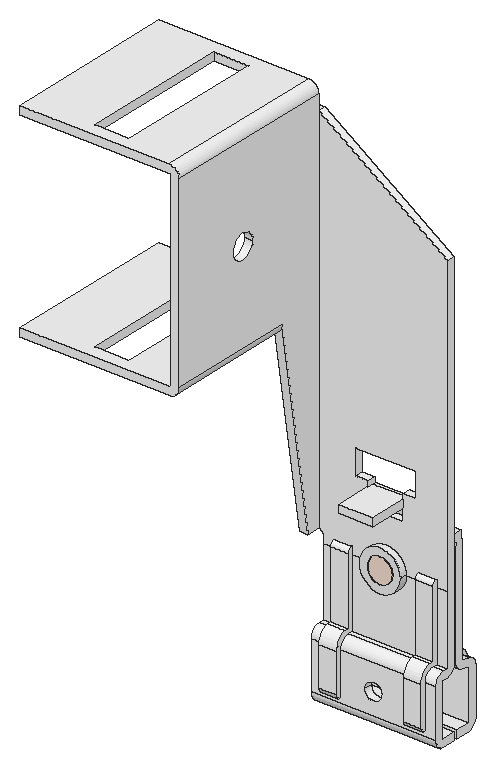
Revit family "cthanger_h58_right", category 機械設備, Revit 2022
Family settings
  丸型コネクタ寸法 = 直径を使用
  種別 = なし
  パーツ タイプ = 標準
  作業面ベース = いいえ
  常に垂直 = はい
  ロード時にボイドで切り取り = いいえ
  注釈の向きを維持 = いいえ
  共有 = いいえ
  部屋計算ポイント = いいえ
Parameters
  製造元 = "株式会社桐井製作所"
  既定の高さ = 0 mm
  URL = "https://www.kirii.co.jp/"
  K_材質 = "溶融亜鉛めっき鋼板及び鋼帯 SGCC 一般用"
  K_品名 = "CTハンガーH＝58アキ右"
  K_名称 = "CTハンガー"
  K_入数 = "120"
  K_備考 = "対象Tバー：eT4025、eAT4025"
  K_バージョン情報 = "20220915"
  K_めっき付着量 = "Z12"
  K_JIS規格 = "JIS G 3302"
Reference planes
  plane 1 "中心(正面/背面)": y = 0
  plane 2: z = 0
  plane 3 "中心(左/右)": x = 0
Forms (mm)
  Extrusion 1, void
    sketch origin (0, 2.8, 0) x (-1, 0, 0) y (0, 0, -1)
      loop
        line (-6, -31.356) -> (6, -31.356) -> (6, -26.343) -> (3.5, -26.343) -> (3.5, -21.356) -> (-3.5, -21.356) -> (-3.5, -26.343) -> (-6, -26.343) -> (-6, -31.356)
    from 1.2 to 2.8
  Extrusion 2, void
    sketch origin (0, 1.2, 0) x (1, 0, 0) y (0, 0, -1)
      loop
        arc (-13.5, -14.356) -> (-12.793, -14.063) -> (-12.5, -13.356) r 1
        line (-12.5, -13.356) -> (-12.5, 15.644) -> (-15.1, 15.644) -> (-15.1, -14.356) -> (-13.5, -14.356)
    from -4.2 to 5.8
  Extrusion 3, solid, material "05吊り材"
    sketch origin (0, 0.4, 0) x (0, -1, 0) y (0, 0, 1)
      loop
        line (1.8, -3.544) -> (1.8, -14.044) -> (-1.2, -14.044) -> (-1.2, -15.644) -> (1.4, -15.644)
        arc (1.4, -15.644) -> (2.814, -15.058) -> (3.4, -13.644) r 2
        line (3.4, -13.644) -> (3.4, -3.944)
        arc (3.4, -3.944) -> (2.814, -2.53) -> (1.4, -1.944) r 2
        line (1.4, -1.944) -> (0.4, -1.944) -> (0.4, 11.856) -> (0.4, 89.483) -> (-1.2, 89.483) -> (-1.2, -1.544)
        arc (-1.2, -1.544) -> (-0.614, -2.958) -> (0.8, -3.544) r 2
        line (0.8, -3.544) -> (1.8, -3.544)
    from -12.5 to 15.1
  Extrusion 4, solid, material "05吊り材"
    sketch origin (16, 0.4, 0) x (0, -1, 0) y (0, 0, 1)
      loop
        arc (1.3, 12.456) -> (1.036, 13.093) -> (0.4, 13.356) r 0.9
        line (0.4, 13.356) -> (0.4, -1.944) -> (1.4, -1.944)
        arc (1.4, -1.944) -> (2.814, -2.53) -> (3.4, -3.944) r 2
        line (3.4, -3.944) -> (3.4, -12.644)
        arc (3.4, -12.644) -> (4.036, -12.38) -> (4.3, -11.744) r 0.9
        line (4.3, -11.744) -> (4.3, -3.944)
        arc (4.3, -3.944) -> (3.685, -2.14) -> (2.095, -1.087) r 2.953
        line (2.095, -1.087) -> (1.3, -1.087) -> (1.3, 12.456)
      loop
        line (-4, -1.245) -> (-5.318, -1.633)
        arc (-5.318, -1.633) -> (-6.822, -2.678) -> (-7.4, -4.415) r 2.9
        line (-7.4, -4.415) -> (-7.4, -11.844)
        arc (-7.4, -11.844) -> (-7.166, -12.409) -> (-6.6, -12.644) r 0.8
        line (-6.6, -12.644) -> (-6.6, -4.415)
        arc (-6.6, -4.415) -> (-6.181, -3.157) -> (-5.093, -2.4) r 2.1
        line (-5.093, -2.4) -> (-3.2, -1.844) -> (-3.2, 14.356)
        arc (-3.2, 14.356) -> (-3.766, 14.122) -> (-4, 13.556) r 0.8
        line (-4, 13.556) -> (-4, -1.245)
    from 5.75 to 9.25
  Extrusion 5, void
    sketch origin (0, 43.7, 50.967) x (1, 0, 0) y (0, 0, 1)
      loop
        line (-3.5, -25.623) -> (-12.5, -25.623) -> (-12.5, -29.342) -> (-3.5, -29.342) -> (-3.5, -25.623)
      loop
        line (12.5, -25.623) -> (3.5, -25.623) -> (3.5, -29.342) -> (12.5, -29.342) -> (12.5, -25.623)
    from 40.1 to 51.2
  Extrusion 6, solid, material "05吊り材"
    sketch origin (0, 0.4, 0) x (0, -1, 0) y (0, 0, 1)
      loop
        line (-5, -4.041) -> (-3.107, -3.484)
        arc (-3.107, -3.484) -> (-2.019, -2.728) -> (-1.6, -1.47) r 2.1
        line (-1.6, -1.47) -> (-1.6, 18.356) -> (-1.1, 23.256)
        arc (-1.1, 23.256) -> (-0.954, 23.61) -> (-0.6, 23.756) r 0.5
        line (-0.6, 23.756) -> (7.9, 23.756) -> (7.9, 25.343) -> (-0.6, 25.343)
        arc (-0.6, 25.343) -> (-1.932, 24.867) -> (-2.659, 23.655) r 2.1
        line (-2.659, 23.655) -> (-3.2, 18.356) -> (-3.2, -1.844) -> (-5.093, -2.4)
        arc (-5.093, -2.4) -> (-6.181, -3.157) -> (-6.6, -4.415) r 2.1
        line (-6.6, -4.415) -> (-6.6, -13.544)
        arc (-6.6, -13.544) -> (-5.985, -15.029) -> (-4.5, -15.644) r 2.1
        line (-4.5, -15.644) -> (-2, -15.644) -> (-2, -14.044) -> (-5, -14.044) -> (-5, -4.041)
    from -12.5 to 12.5
  Extrusion 7, solid, material "05吊り材"
    sketch origin (-1, 0.4, 0) x (0, -1, 0) y (0, 0, 1)
      loop
        arc (1.3, 12.456) -> (1.036, 13.093) -> (0.4, 13.356) r 0.9
        line (0.4, 13.356) -> (0.4, -1.944) -> (1.4, -1.944)
        arc (1.4, -1.944) -> (2.814, -2.53) -> (3.4, -3.944) r 2
        line (3.4, -3.944) -> (3.4, -12.644)
        arc (3.4, -12.644) -> (4.036, -12.38) -> (4.3, -11.744) r 0.9
        line (4.3, -11.744) -> (4.3, -3.944)
        arc (4.3, -3.944) -> (3.685, -2.14) -> (2.095, -1.087) r 2.953
        line (2.095, -1.087) -> (1.3, -1.087) -> (1.3, 12.456)
      loop
        line (-4, -1.245) -> (-5.318, -1.633)
        arc (-5.318, -1.633) -> (-6.822, -2.678) -> (-7.4, -4.415) r 2.9
        line (-7.4, -4.415) -> (-7.4, -11.844)
        arc (-7.4, -11.844) -> (-7.166, -12.409) -> (-6.6, -12.644) r 0.8
        line (-6.6, -12.644) -> (-6.6, -4.415)
        arc (-6.6, -4.415) -> (-6.181, -3.157) -> (-5.093, -2.4) r 2.1
        line (-5.093, -2.4) -> (-3.2, -1.844) -> (-3.2, 14.356)
        arc (-3.2, 14.356) -> (-3.766, 14.122) -> (-4, 13.556) r 0.8
        line (-4, 13.556) -> (-4, -1.245)
    from 5.75 to 9.25
  Extrusion 8, solid, material "05吊り材"
    sketch origin (16, 0.4, 0) x (0, -1, 0) y (0, 0, 1)
      loop
        arc (1.3, 12.456) -> (1.036, 13.093) -> (0.4, 13.356) r 0.9
        line (0.4, 13.356) -> (0.4, -1.944) -> (1.4, -1.944)
        arc (1.4, -1.944) -> (2.814, -2.53) -> (3.4, -3.944) r 2
        line (3.4, -3.944) -> (3.4, -12.644)
        arc (3.4, -12.644) -> (4.036, -12.38) -> (4.3, -11.744) r 0.9
        line (4.3, -11.744) -> (4.3, -3.944)
        arc (4.3, -3.944) -> (3.685, -2.14) -> (2.095, -1.087) r 2.953
        line (2.095, -1.087) -> (1.3, -1.087) -> (1.3, 12.456)
      loop
        line (-4, -1.245) -> (-5.318, -1.633)
        arc (-5.318, -1.633) -> (-6.822, -2.678) -> (-7.4, -4.415) r 2.9
        line (-7.4, -4.415) -> (-7.4, -11.844)
        arc (-7.4, -11.844) -> (-7.166, -12.409) -> (-6.6, -12.644) r 0.8
        line (-6.6, -12.644) -> (-6.6, -4.415)
        arc (-6.6, -4.415) -> (-6.181, -3.157) -> (-5.093, -2.4) r 2.1
        line (-5.093, -2.4) -> (-3.2, -1.844) -> (-3.2, 14.356)
        arc (-3.2, 14.356) -> (-3.766, 14.122) -> (-4, 13.556) r 0.8
        line (-4, 13.556) -> (-4, -1.245)
    from 5.75 to 9.25
  Extrusion 9, solid, material "アルミニウム"
    sketch origin (0, 0.4, 5.534) x (-1, 0, 0) y (0, 0, 1)
      loop
        circle (0, 6.436) r 4.1
      loop
        circle (0, 6.436) r 2.499
    from -1.8 to 0
  Extrusion 10, void
    sketch origin (0, 0.4, 5.597) x (-1, 0, 0) y (0, 0, 1)
      loop
        circle (0, 6.373) r 2.5
    from -0.4 to 3.2
  Extrusion 11, solid, material "05吊り材"
    sketch origin (0, 1.6, 0) x (0, -1, 0) y (0, 0, -1)
      loop
        line (11, -56.083) -> (4.377, -14.356) -> (0, -14.356) -> (0, -56.083) -> (11, -56.083)
    from -15.1 to -13.5
  Extrusion 12, void
    sketch origin (0, -33.438, 17.9) x (1, 0, 0) y (0, 1, 0)
      loop
        line (-32.5, 0.9) -> (-25.5, 0.9) -> (-25.5, 30.9) -> (-32.5, 30.9) -> (-32.5, 0.9)
    from 74.983 to 76.583
  Extrusion 13, void
    sketch origin (0, -33.438, -22.1) x (1, 0, 0) y (0, 1, 0)
      loop
        line (-32.5, 0.9) -> (-25.5, 0.9) -> (-25.5, 30.9) -> (-32.5, 30.9) -> (-32.5, 0.9)
    from 75.023 to 76.583
  Extrusion 14, solid, material "05吊り材"
    sketch origin (0, -35, 38.026) x (1, 0, 0) y (0, 0, -1)
      loop
        line (-45.5, -56.456) -> (-15.5, -56.456)
        arc (-15.5, -56.456) -> (-14.086, -55.87) -> (-13.5, -54.456) r 2
        line (-13.5, -54.456) -> (-13.5, -16.856)
        arc (-13.5, -16.856) -> (-14.086, -15.442) -> (-15.5, -14.856) r 2
        line (-15.5, -14.856) -> (-45.5, -14.856) -> (-45.5, -16.456) -> (-15.1, -16.456) -> (-15.1, -54.856) -> (-45.5, -54.856) -> (-45.5, -56.456)
    from 0 to 35
  Extrusion 15, void
    sketch origin (0, -36.563, 37.9) x (0, -1, 0) y (0, 0, -1)
      loop
        circle (-17.5, -35.456) r 2.5
    from -15.1 to -13.5
  Extrusion 16, void
    sketch origin (0, -0.4, 38.026) x (1, 0, 0) y (0, 0, -1)
      loop
        line (-13.5, -51.456) -> (12.5, -51.456) -> (12.5, -33.456) -> (-13.5, -51.456)
    from 0.4 to 2
  Extrusion 17, void
    sketch origin (0, 0, 0) x (1, 0, 0) y (0, 0, 1)
      loop
        circle (0, -9.144) r 1.75
    from 1.4 to 3
  Extrusion 18, void
    sketch origin (0, 8.615, 0) x (1, 0, 0) y (0, 0, 1)
      loop
        circle (0, -9.144) r 1.75
    from 1.615 to 3.215
Cuts and joins
  Extrusion 5, Extrusion 10, Extrusion 18 cuts Extrusion 6
  Extrusion 1, Extrusion 2, Extrusion 10, Extrusion 16, Extrusion 17, Extrusion 18 cuts Extrusion 3
  Extrusion 2, Extrusion 18 cuts Extrusion 11
  Extrusion 12, Extrusion 13, Extrusion 15, Extrusion 18 cuts Extrusion 14
  joined: Extrusion 3, Extrusion 11, Extrusion 14
Dimensions and locks
  aligned and locked: level to plane 2
Nested families
  nested 1: "直吊りハンガー用ビス" at (0, 3.6, 11.97) x (-1, 0, 0) z (0, 0, 1), type "直吊りハンガー用ビス"
Definition of nested family "直吊りハンガー用ビス"
  Parameters (values of type "直吊りハンガー用ビス")
    Manufacturer = "株式会社桐井製作所"
    Default Elevation = 0 mm
    URL = "https://www.kirii.co.jp/"
    K_名称 = "M6×25ボルト"
  Reference planes
    plane 1 "中心(正面/背面)": y = 0
    plane 2: z = 0
    plane 3 "中心(左/右)": x = 0
    plane 4 "正面": y = -5
  Forms (mm)
    Extrusion 1, solid
      sketch origin (0, 0, 0.234) x (1, 0, 0) y (0, 0, 1)
        loop
          circle (-0.011, -0.2) r 2.5
      from 0 to -5
    Revolve 2, solid
      sketch origin (0, 0, 0) x (0, 1, 0) y (0, 0, 1)
        loop
          line (0, 0) -> (-2.299, 0) -> (-2.299, -1.966)
          arc (-2.299, -1.966) -> (-1.904, -2.921) -> (-0.949, -3.316) r 1.35
          line (-0.949, -3.316) -> (0, -3.316) -> (0, 0)
        axis (0, 0) -> (-2.299, 0)
      angle from 0 to 360
  Cuts and joins
    joined: Extrusion 1, Revolve 2
  Dimensions and locks
    aligned and locked: level to plane 2
